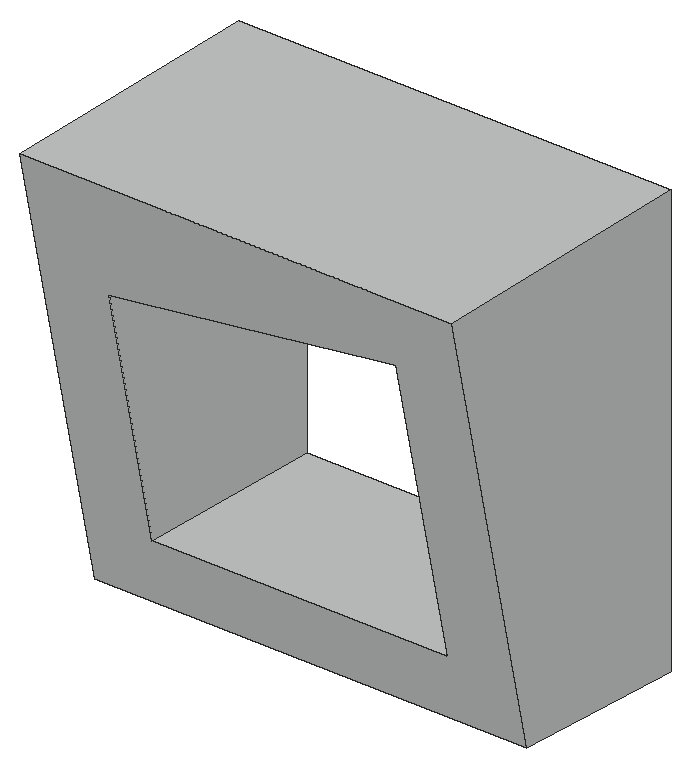
Revit family "SERYCATTO", category Curtain Panels, Revit 2019
Family settings
  OmniClass Number = 23.25.20.14.11.11.17
  OmniClass Title = Infill Panels
  Always vertical = Yes
  Cut with Voids When Loaded = No
  Shared = No
Parameters
  Material en Concreto = Concreto ladrillo
Reference planes (m)
  plane 1 "Centro (Frontal/Posterior)": y = 0
  plane 2: z = 0
  plane 3 "Centro (Izquierda/Derecha)": x = 0
  plane 4 "Izquierda": x = -1.5
  plane 5 "Derecha": x = 1.5
  plane 6 "Parte superior": z = 1.12
Forms (m)
  Extrusion 1, solid, material "Concreto ladrillo" <- "Material en Concreto"
    sketch origin (-0.120168, 0.13, 0.374218) x (0, 0, -1) y (1, 0, 0)
      loop
        line (0.184218, 0.370168) -> (0.184218, 0.180168) -> (0.374218, 0.180168) -> (0.374218, 0.370168) -> (0.184218, 0.370168)
    from 0.12 to 0
  Blend 2, void
    base sketch origin (0.259142, 0.13, 0.030865) x (-0.000412, 0, -1) y (1, 0, -0.000412)
      loop
        line (0.000881, -0.039141) -> (-0.12983, -0.039195) -> (-0.110251, -0.169187) -> (0.000934, -0.169141) -> (0.000881, -0.039141)
    top sketch origin (0.259142, 0.13, 0.030865) x (-0.000412, 0, -1) y (1, 0, -0.000412)
      loop
        line (-0.002912, -0.039143) -> (-0.129119, -0.039195) -> (-0.109066, -0.169187) -> (-0.002858, -0.169143) -> (-0.002912, -0.039143)
    from 0 to 0.12
  Extrusion 3, void
    sketch origin (0.25, 0.13, 0) x (0, -1, 0) y (0, 0, 1)
      loop
        line (0.12, 0.19) -> (0.078876, 0.004504) -> (0, 0) -> (0.13, 0) -> (0.13, 0.195) -> (0.121108, 0.195) -> (0.12, 0.19)
    from 0 to 0.25
Cuts and joins
  Blend 2, Extrusion 3 cuts Extrusion 1
Text (m)
  text "Exterior" at (-2.45384, 1.416179, 0), in view "Nivel de referencia"
  text "Exterior" at (0, 0.997594, 1.31268), in view "Izquierda"
  text "Exterior" at (0, 1.328187, 4.120349), in view "Derecha"
Dimensions and locks (m)
  equal spacing: plane 4 "Izquierda", plane 3 "Centro (Izquierda/Derecha)", plane 5 "Derecha"
  aligned and locked: level to plane 2
Automatic sketch dimensions
  Extrusion 1 sketch curve to level = 0.000 m
  level to Extrusion 1 sketch curve = 0.190 m
  plane 3 "Centro (Izquierda/Derecha)" to Extrusion 1 sketch curve = 0.060 m
  Extrusion 1 sketch curve to Extrusion 1 sketch curve = 0.190 m
  level to Blend 2 sketch curve = 0.160711 m
  plane 3 "Centro (Izquierda/Derecha)" to Blend 2 sketch curve = 0.220 m  (x2)
  Blend 2 sketch curve to Blend 2 sketch curve = 0.019579 m
  Blend 2 sketch curve to Blend 2 sketch curve = 0.130711 m
  Blend 2 sketch curve to Blend 2 sketch curve = 0.111185 m
  Blend 2 sketch curve to Blend 2 sketch curve = 0.129946 m
  level to Blend 2 sketch curve = 0.160 m
  Blend 2 sketch curve to Blend 2 sketch curve = 0.020054 m
  Blend 2 sketch curve to Blend 2 sketch curve = 0.126207 m
  Blend 2 sketch curve to Blend 2 sketch curve = 0.106207 m
  Blend 2 sketch curve to Blend 2 sketch curve = 0.129948 m
  Extrusion 3 sketch curve to level = 0.000 m
  Extrusion 3 sketch curve to plane 1 "Centro (Frontal/Posterior)" = 0.000 m
  Extrusion 3 sketch curve to plane 1 "Centro (Frontal/Posterior)" = 0.008892 m
  Extrusion 3 sketch curve to Extrusion 3 sketch curve = 0.001108 m
  level to Extrusion 3 sketch curve = 0.004504 m
  Extrusion 3 sketch curve to plane 1 "Centro (Frontal/Posterior)" = 0.051124 m
  Extrusion 3 sketch curve to Extrusion 3 sketch curve = 0.078876 m
  level to Extrusion 3 sketch curve = 0.190 m
  Extrusion 3 sketch curve to Extrusion 3 sketch curve = 0.005 m
